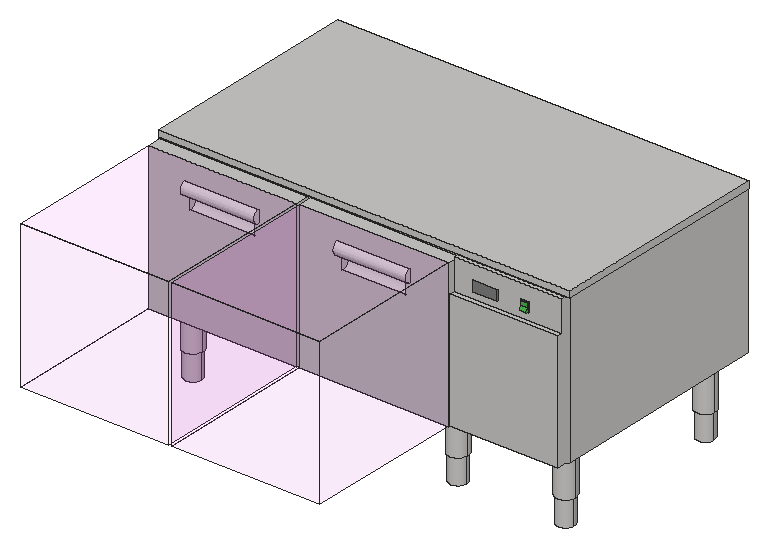
Revit family "QF_ZANUSSI_372294_Z7TTEECOMIN", category Specialty Equipment, Revit 2021 (continued)
Automatic sketch dimensions
  Split face 13 sketch curve to Split face 13 sketch curve = 4 mm
  Split face 14 sketch curve to Extrusion 2 = 30.5 mm
  Split face 14 sketch curve to Split face 14 sketch curve = 0.02 mm  (x2)
  Split face 14 sketch curve to Split face 14 sketch curve = 31.959 mm
  Split face 14 sketch curve to Extrusion 2 = 23 mm
  Split face 14 sketch curve to Split face 14 sketch curve = 4 mm
  Split face 15 sketch curve to Extrusion 2 = 30.5 mm
  Split face 15 sketch curve to Split face 15 sketch curve = 0.02 mm  (x2)
  Split face 15 sketch curve to Split face 15 sketch curve = 31.959 mm
  Split face 15 sketch curve to Extrusion 2 = 130.896 mm
  Split face 15 sketch curve to Split face 15 sketch curve = 4 mm
  plane 10 to Extrusion 6 sketch curve = 15 mm
  Extrusion 8 sketch curve to plane 7 "FRONT" = 0 mm  (x3)
  Extrusion 8 sketch curve to plane 14 "TOP" = 90.566 mm
  Extrusion 8 sketch curve to Extrusion 8 sketch curve = 8.275 mm
  Extrusion 9 sketch curve to plane 7 "FRONT" = 0 mm
  Extrusion 9 sketch curve to plane 7 "FRONT" = 2.777 mm
  plane 7 "FRONT" to Extrusion 9 sketch curve = 21.853 mm
  Extrusion 9 sketch curve to plane 11 = 4.5 mm
  Extrusion 9 sketch curve to plane 14 "TOP" = 128.294 mm
  Extrusion 9 sketch curve to Extrusion 9 sketch curve = 18.821 mm
  Extrusion 10 sketch curve to plane 7 "FRONT" = 0 mm  (x3)
  Extrusion 10 sketch curve to plane 14 "TOP" = 90.566 mm
  Extrusion 10 sketch curve to Extrusion 10 sketch curve = 8.275 mm
  Extrusion 11 sketch curve to plane 7 "FRONT" = 0 mm
  Extrusion 11 sketch curve to plane 7 "FRONT" = 2.777 mm
  plane 7 "FRONT" to Extrusion 11 sketch curve = 21.853 mm
  Extrusion 11 sketch curve to plane 11 = 4.5 mm
  Extrusion 11 sketch curve to plane 14 "TOP" = 128.294 mm
  Extrusion 11 sketch curve to Extrusion 11 sketch curve = 18.821 mm
  plane 13 to Extrusion 12 sketch curve = 1.587 mm  (x2)
  Extrusion 12 sketch curve to plane 3 "Centro (Sinistra/Destra)" = 160.999 mm
  Extrusion 12 sketch curve to plane 14 "TOP" = 0.8 mm  (x2)
  Extrusion 12 sketch curve to Extrusion 12 sketch curve = 7.999 mm
  plane 12 to Extrusion 12 sketch curve = 51 mm
  Extrusion 13 sketch curve to plane 14 "TOP" = 0.8 mm  (x2)
  plane 12 to Extrusion 13 sketch curve = 51 mm
  Extrusion 13 sketch curve to plane 12 = 72.699 mm
  Extrusion 13 sketch curve to plane 3 "Centro (Sinistra/Destra)" = 29.3 mm
  plane 13 to Extrusion 13 sketch curve = 1.587 mm  (x2)
  Extrusion 13 sketch curve to plane 3 "Centro (Sinistra/Destra)" = 153 mm
  Extrusion 13 sketch curve to Extrusion 13 sketch curve = 7.999 mm
  Extrusion 13 sketch curve to Extrusion 13 sketch curve = 123.7 mm
  plane 9 to Extrusion 13 sketch curve = 68.7 mm
  Extrusion 13 sketch curve to plane 14 "TOP" = 128.294 mm  (x2)
  Extrusion 13 sketch curve to Extrusion 13 sketch curve = 43.294 mm  (x2)
  Split face 16 sketch curve to Extrusion 2 = 30.5 mm
  Split face 16 sketch curve to Split face 16 sketch curve = 0.02 mm  (x2)
  Split face 16 sketch curve to Split face 16 sketch curve = 31.959 mm
  Split face 16 sketch curve to Extrusion 2 = 118.208 mm
  Split face 16 sketch curve to Split face 16 sketch curve = 4 mm
  Split face 17 sketch curve to Extrusion 2 = 30.5 mm
  Split face 17 sketch curve to Split face 17 sketch curve = 0.02 mm  (x2)
  Split face 17 sketch curve to Split face 17 sketch curve = 31.959 mm
  Split face 17 sketch curve to Extrusion 2 = 130.208 mm
  Split face 17 sketch curve to Split face 17 sketch curve = 4 mm
  Split face 18 sketch curve to Extrusion 2 = 30.5 mm
  Split face 18 sketch curve to Split face 18 sketch curve = 0.02 mm  (x2)
  Split face 18 sketch curve to Split face 18 sketch curve = 31.959 mm
  Split face 18 sketch curve to Extrusion 2 = 142.208 mm
  Split face 18 sketch curve to Split face 18 sketch curve = 4 mm
  Split face 19 sketch curve to Extrusion 2 = 30.5 mm
  Split face 19 sketch curve to Split face 19 sketch curve = 0.02 mm  (x2)
  Split face 19 sketch curve to Split face 19 sketch curve = 31.959 mm
  Split face 19 sketch curve to Extrusion 2 = 154.896 mm
  Split face 19 sketch curve to Split face 19 sketch curve = 4 mm
  Split face 20 sketch curve to Extrusion 2 = 30.5 mm
  Split face 20 sketch curve to Split face 20 sketch curve = 0.02 mm  (x2)
  Split face 20 sketch curve to Split face 20 sketch curve = 31.959 mm
  Split face 20 sketch curve to Extrusion 2 = 142.896 mm
  Split face 20 sketch curve to Split face 20 sketch curve = 4 mm
  Split face 21 sketch curve to Extrusion 2 = 30.5 mm
  Split face 21 sketch curve to Split face 21 sketch curve = 0.02 mm  (x2)
  Split face 21 sketch curve to Split face 21 sketch curve = 31.959 mm
  Split face 21 sketch curve to Extrusion 2 = 106.208 mm
  Split face 21 sketch curve to Split face 21 sketch curve = 4 mm
  Split face 22 sketch curve to Extrusion 2 = 30.5 mm
  Split face 22 sketch curve to Split face 22 sketch curve = 0.02 mm  (x2)
  Split face 22 sketch curve to Extrusion 2 = 10.312 mm
  Split face 22 sketch curve to Split face 22 sketch curve = 31.959 mm
  Split face 22 sketch curve to Split face 22 sketch curve = 4 mm
  Split face 23 sketch curve to Extrusion 2 = 30.5 mm
  Split face 23 sketch curve to Split face 23 sketch curve = 0.02 mm  (x2)
  Split face 23 sketch curve to Split face 23 sketch curve = 31.959 mm
  Split face 23 sketch curve to Extrusion 2 = 22.312 mm
  Split face 23 sketch curve to Split face 23 sketch curve = 4 mm
  Split face 24 sketch curve to Extrusion 2 = 30.5 mm
  Split face 24 sketch curve to Split face 24 sketch curve = 0.02 mm  (x2)
  Split face 24 sketch curve to Split face 24 sketch curve = 31.959 mm
  Split face 24 sketch curve to Extrusion 2 = 34.312 mm
  Split face 24 sketch curve to Split face 24 sketch curve = 4 mm
  Split face 25 sketch curve to Extrusion 2 = 30.5 mm
  Split face 25 sketch curve to Split face 25 sketch curve = 0.02 mm  (x2)
  Split face 25 sketch curve to Split face 25 sketch curve = 31.959 mm
  Split face 25 sketch curve to Extrusion 2 = 46.209 mm
  Split face 25 sketch curve to Split face 25 sketch curve = 4 mm
  Split face 26 sketch curve to Extrusion 2 = 30.5 mm
  Split face 26 sketch curve to Split face 26 sketch curve = 0.02 mm  (x2)
  Split face 26 sketch curve to Split face 26 sketch curve = 31.959 mm
  Split face 26 sketch curve to Extrusion 2 = 58.208 mm
  Split face 26 sketch curve to Split face 26 sketch curve = 4 mm
  Split face 27 sketch curve to Extrusion 2 = 30.5 mm
  Split face 27 sketch curve to Split face 27 sketch curve = 0.02 mm  (x2)
  Split face 27 sketch curve to Split face 27 sketch curve = 31.959 mm
  Split face 27 sketch curve to Extrusion 2 = 70.208 mm
  Split face 27 sketch curve to Split face 27 sketch curve = 4 mm
  Split face 28 sketch curve to Extrusion 2 = 30.5 mm
  Split face 28 sketch curve to Split face 28 sketch curve = 0.02 mm  (x2)
  Split face 28 sketch curve to Split face 28 sketch curve = 31.959 mm
  Split face 28 sketch curve to Extrusion 2 = 82.208 mm
  Split face 28 sketch curve to Split face 28 sketch curve = 4 mm
  Split face 29 sketch curve to Extrusion 2 = 30.5 mm
  Split face 29 sketch curve to Split face 29 sketch curve = 0.02 mm  (x2)
  Split face 29 sketch curve to Split face 29 sketch curve = 31.959 mm
  Split face 29 sketch curve to Extrusion 2 = 94.208 mm
  Split face 29 sketch curve to Split face 29 sketch curve = 4 mm
  Split face 30 sketch curve to Extrusion 2 = 85.5 mm
  Split face 30 sketch curve to Split face 30 sketch curve = 0.02 mm  (x2)
  Split face 30 sketch curve to Split face 30 sketch curve = 31.959 mm
  Split face 30 sketch curve to Extrusion 2 = 118.896 mm
  Split face 30 sketch curve to Split face 30 sketch curve = 4 mm
  Split face 31 sketch curve to Extrusion 2 = 85.5 mm
  Split face 31 sketch curve to Split face 31 sketch curve = 0.02 mm  (x2)
  Split face 31 sketch curve to Split face 31 sketch curve = 31.959 mm
  Split face 31 sketch curve to Extrusion 2 = 106.896 mm
  Split face 31 sketch curve to Split face 31 sketch curve = 4 mm
  Split face 32 sketch curve to Extrusion 2 = 85.5 mm
  Split face 32 sketch curve to Split face 32 sketch curve = 0.02 mm  (x2)
  Split face 32 sketch curve to Split face 32 sketch curve = 31.959 mm
  Split face 32 sketch curve to Extrusion 2 = 94.897 mm
  Split face 32 sketch curve to Split face 32 sketch curve = 4 mm
  Split face 33 sketch curve to Extrusion 2 = 85.5 mm
  Split face 33 sketch curve to Split face 33 sketch curve = 0.02 mm  (x2)
  Split face 33 sketch curve to Split face 33 sketch curve = 31.959 mm
  Split face 33 sketch curve to Extrusion 2 = 82.999 mm
  Split face 33 sketch curve to Split face 33 sketch curve = 4 mm
  Split face 34 sketch curve to Extrusion 2 = 85.5 mm
  Split face 34 sketch curve to Split face 34 sketch curve = 0.02 mm  (x2)
  Split face 34 sketch curve to Split face 34 sketch curve = 31.959 mm
  Split face 34 sketch curve to Extrusion 2 = 71 mm
  Split face 34 sketch curve to Split face 34 sketch curve = 4 mm
  Split face 35 sketch curve to Extrusion 2 = 85.5 mm
  Split face 35 sketch curve to Split face 35 sketch curve = 0.02 mm  (x2)
  Split face 35 sketch curve to Split face 35 sketch curve = 31.959 mm
  Split face 35 sketch curve to Extrusion 2 = 59 mm
  Split face 35 sketch curve to Split face 35 sketch curve = 4 mm
  Split face 36 sketch curve to Extrusion 2 = 85.5 mm
  Split face 36 sketch curve to Split face 36 sketch curve = 0.02 mm  (x2)
  Split face 36 sketch curve to Split face 36 sketch curve = 31.959 mm
  Split face 36 sketch curve to Extrusion 2 = 47 mm
  Split face 36 sketch curve to Split face 36 sketch curve = 4 mm
  Split face 37 sketch curve to Extrusion 2 = 31 mm
  Split face 37 sketch curve to Extrusion 2 = 85.5 mm
  Split face 37 sketch curve to Split face 37 sketch curve = 0.02 mm  (x2)
  Split face 37 sketch curve to Split face 37 sketch curve = 31.959 mm
  Split face 37 sketch curve to Split face 37 sketch curve = 4 mm
  Split face 38 sketch curve to Extrusion 2 = 19 mm
  Split face 38 sketch curve to Extrusion 2 = 85.5 mm
  Split face 38 sketch curve to Split face 38 sketch curve = 0.02 mm  (x2)
  Split face 38 sketch curve to Split face 38 sketch curve = 31.959 mm
  Split face 38 sketch curve to Split face 38 sketch curve = 4 mm
  Split face 39 sketch curve to Extrusion 2 = 85.5 mm
  Split face 39 sketch curve to Split face 39 sketch curve = 0.02 mm  (x2)
  Split face 39 sketch curve to Split face 39 sketch curve = 31.959 mm
  Split face 39 sketch curve to Extrusion 2 = 130.896 mm
  Split face 39 sketch curve to Split face 39 sketch curve = 4 mm
  Split face 40 sketch curve to Extrusion 2 = 85.5 mm
  Split face 40 sketch curve to Split face 40 sketch curve = 0.02 mm  (x2)
  Split face 40 sketch curve to Split face 40 sketch curve = 31.959 mm
  Split face 40 sketch curve to Extrusion 2 = 118.208 mm
  Split face 40 sketch curve to Split face 40 sketch curve = 4 mm
  Split face 41 sketch curve to Extrusion 2 = 85.5 mm
  Split face 41 sketch curve to Split face 41 sketch curve = 0.02 mm  (x2)
  Split face 41 sketch curve to Split face 41 sketch curve = 31.959 mm
  Split face 41 sketch curve to Extrusion 2 = 130.208 mm
  Split face 41 sketch curve to Split face 41 sketch curve = 4 mm
  Split face 42 sketch curve to Extrusion 2 = 85.5 mm
  Split face 42 sketch curve to Split face 42 sketch curve = 0.02 mm  (x2)
  Split face 42 sketch curve to Split face 42 sketch curve = 31.959 mm
  Split face 42 sketch curve to Extrusion 2 = 142.208 mm
  Split face 42 sketch curve to Split face 42 sketch curve = 4 mm
  Split face 43 sketch curve to Extrusion 2 = 85.5 mm
  Split face 43 sketch curve to Split face 43 sketch curve = 0.02 mm  (x2)
  Split face 43 sketch curve to Split face 43 sketch curve = 31.959 mm
  Split face 43 sketch curve to Extrusion 2 = 154.896 mm
  Split face 43 sketch curve to Split face 43 sketch curve = 4 mm
  Split face 44 sketch curve to Extrusion 2 = 85.5 mm
  Split face 44 sketch curve to Split face 44 sketch curve = 0.02 mm  (x2)
  Split face 44 sketch curve to Split face 44 sketch curve = 31.959 mm
  Split face 44 sketch curve to Extrusion 2 = 142.896 mm
  Split face 44 sketch curve to Split face 44 sketch curve = 4 mm
  Split face 45 sketch curve to Extrusion 2 = 85.5 mm
  Split face 45 sketch curve to Split face 45 sketch curve = 0.02 mm  (x2)
  Split face 45 sketch curve to Split face 45 sketch curve = 31.959 mm
  Split face 45 sketch curve to Extrusion 2 = 106.208 mm
  Split face 45 sketch curve to Split face 45 sketch curve = 4 mm
  Split face 46 sketch curve to Extrusion 2 = 14.312 mm
  Split face 46 sketch curve to Extrusion 2 = 85.5 mm
  Split face 46 sketch curve to Split face 46 sketch curve = 0.02 mm  (x2)
  Split face 46 sketch curve to Extrusion 2 = 10.312 mm
  Split face 46 sketch curve to Split face 46 sketch curve = 31.959 mm
  Split face 47 sketch curve to Extrusion 2 = 26.312 mm
  Split face 47 sketch curve to Extrusion 2 = 85.5 mm
  Split face 47 sketch curve to Split face 47 sketch curve = 0.02 mm  (x2)
  Split face 47 sketch curve to Split face 47 sketch curve = 31.959 mm
  Split face 47 sketch curve to Split face 47 sketch curve = 4 mm
  Split face 48 sketch curve to Extrusion 2 = 85.5 mm
  Split face 48 sketch curve to Split face 48 sketch curve = 0.02 mm  (x2)
  Split face 48 sketch curve to Split face 48 sketch curve = 31.959 mm
  Split face 48 sketch curve to Extrusion 2 = 34.312 mm
  Split face 48 sketch curve to Split face 48 sketch curve = 4 mm
  Split face 49 sketch curve to Extrusion 2 = 85.5 mm
  Split face 49 sketch curve to Split face 49 sketch curve = 0.02 mm  (x2)
  Split face 49 sketch curve to Split face 49 sketch curve = 31.959 mm
  Split face 49 sketch curve to Extrusion 2 = 46.209 mm
  Split face 49 sketch curve to Split face 49 sketch curve = 4 mm
  Split face 50 sketch curve to Extrusion 2 = 85.5 mm
  Split face 50 sketch curve to Split face 50 sketch curve = 0.02 mm  (x2)
  Split face 50 sketch curve to Split face 50 sketch curve = 31.959 mm
  Split face 50 sketch curve to Extrusion 2 = 58.208 mm
  Split face 50 sketch curve to Split face 50 sketch curve = 4 mm
  Split face 51 sketch curve to Extrusion 2 = 85.5 mm
  Split face 51 sketch curve to Split face 51 sketch curve = 0.02 mm  (x2)
  Split face 51 sketch curve to Split face 51 sketch curve = 31.959 mm
  Split face 51 sketch curve to Extrusion 2 = 70.208 mm
  Split face 51 sketch curve to Split face 51 sketch curve = 4 mm
  Split face 52 sketch curve to Extrusion 2 = 85.5 mm
  Split face 52 sketch curve to Split face 52 sketch curve = 0.02 mm  (x2)
  Split face 52 sketch curve to Split face 52 sketch curve = 31.959 mm
  Split face 52 sketch curve to Extrusion 2 = 82.208 mm
  Split face 52 sketch curve to Split face 52 sketch curve = 4 mm
  Split face 53 sketch curve to Extrusion 2 = 85.5 mm
  Split face 53 sketch curve to Split face 53 sketch curve = 0.02 mm  (x2)
  Split face 53 sketch curve to Split face 53 sketch curve = 31.959 mm
  Split face 53 sketch curve to Extrusion 2 = 94.208 mm
  Split face 53 sketch curve to Split face 53 sketch curve = 4 mm
  Split face 54 sketch curve to Extrusion 2 = 140.5 mm
  Split face 54 sketch curve to Split face 54 sketch curve = 0.02 mm  (x2)
  Split face 54 sketch curve to Split face 54 sketch curve = 31.959 mm
  Split face 54 sketch curve to Extrusion 2 = 118.896 mm
  Split face 54 sketch curve to Split face 54 sketch curve = 4 mm
  Split face 55 sketch curve to Extrusion 2 = 140.5 mm
  Split face 55 sketch curve to Split face 55 sketch curve = 0.02 mm  (x2)
  Split face 55 sketch curve to Split face 55 sketch curve = 31.959 mm
  Split face 55 sketch curve to Extrusion 2 = 106.896 mm
  Split face 55 sketch curve to Split face 55 sketch curve = 4 mm
  Split face 56 sketch curve to Extrusion 2 = 140.5 mm
  Split face 56 sketch curve to Split face 56 sketch curve = 0.02 mm  (x2)
  Split face 56 sketch curve to Split face 56 sketch curve = 31.959 mm
  Split face 56 sketch curve to Extrusion 2 = 94.897 mm
  Split face 56 sketch curve to Split face 56 sketch curve = 4 mm
  Split face 57 sketch curve to Extrusion 2 = 140.5 mm
  Split face 57 sketch curve to Split face 57 sketch curve = 0.02 mm  (x2)
  Split face 57 sketch curve to Split face 57 sketch curve = 31.959 mm
  Split face 57 sketch curve to Extrusion 2 = 82.999 mm
  Split face 57 sketch curve to Split face 57 sketch curve = 4 mm
  Split face 58 sketch curve to Extrusion 2 = 140.5 mm
  Split face 58 sketch curve to Split face 58 sketch curve = 0.02 mm  (x2)
  Split face 58 sketch curve to Split face 58 sketch curve = 31.959 mm
  Split face 58 sketch curve to Extrusion 2 = 71 mm
  Split face 58 sketch curve to Split face 58 sketch curve = 4 mm
  Split face 59 sketch curve to Extrusion 2 = 55 mm
  Split face 59 sketch curve to Extrusion 2 = 140.5 mm
  Split face 59 sketch curve to Split face 59 sketch curve = 0.02 mm  (x2)
  Split face 59 sketch curve to Split face 59 sketch curve = 31.959 mm
  Split face 59 sketch curve to Split face 59 sketch curve = 4 mm
  Split face 60 sketch curve to Extrusion 2 = 43 mm
  Split face 60 sketch curve to Extrusion 2 = 140.5 mm
  Split face 60 sketch curve to Split face 60 sketch curve = 0.02 mm  (x2)
  Split face 60 sketch curve to Split face 60 sketch curve = 31.959 mm
  Split face 60 sketch curve to Split face 60 sketch curve = 4 mm
  Split face 61 sketch curve to Extrusion 2 = 31 mm
  Split face 61 sketch curve to Extrusion 2 = 140.5 mm
  Split face 61 sketch curve to Split face 61 sketch curve = 0.02 mm  (x2)
  Split face 61 sketch curve to Split face 61 sketch curve = 31.959 mm
  Split face 61 sketch curve to Split face 61 sketch curve = 4 mm
  Split face 62 sketch curve to Extrusion 2 = 19 mm
  Split face 62 sketch curve to Extrusion 2 = 140.5 mm
  Split face 62 sketch curve to Split face 62 sketch curve = 0.02 mm  (x2)
  Split face 62 sketch curve to Split face 62 sketch curve = 31.959 mm
  Split face 62 sketch curve to Split face 62 sketch curve = 4 mm
  Split face 63 sketch curve to Extrusion 2 = 140.5 mm
  Split face 63 sketch curve to Split face 63 sketch curve = 0.02 mm  (x2)
  Split face 63 sketch curve to Split face 63 sketch curve = 31.959 mm
  Split face 63 sketch curve to Extrusion 2 = 130.896 mm
  Split face 63 sketch curve to Split face 63 sketch curve = 4 mm
  Split face 64 sketch curve to Extrusion 2 = 140.5 mm
  Split face 64 sketch curve to Split face 64 sketch curve = 0.02 mm  (x2)
  Split face 64 sketch curve to Split face 64 sketch curve = 31.959 mm
  Split face 64 sketch curve to Extrusion 2 = 118.208 mm
  Split face 64 sketch curve to Split face 64 sketch curve = 4 mm
  Split face 65 sketch curve to Extrusion 2 = 140.5 mm
  Split face 65 sketch curve to Split face 65 sketch curve = 0.02 mm  (x2)
  Split face 65 sketch curve to Split face 65 sketch curve = 31.959 mm
  Split face 65 sketch curve to Extrusion 2 = 130.208 mm
  Split face 65 sketch curve to Split face 65 sketch curve = 4 mm
  Split face 66 sketch curve to Extrusion 2 = 140.5 mm
  Split face 66 sketch curve to Split face 66 sketch curve = 0.02 mm  (x2)
  Split face 66 sketch curve to Split face 66 sketch curve = 31.959 mm
  Split face 66 sketch curve to Extrusion 2 = 142.208 mm
  Split face 66 sketch curve to Split face 66 sketch curve = 4 mm
  Split face 67 sketch curve to Extrusion 2 = 140.5 mm
  Split face 67 sketch curve to Split face 67 sketch curve = 0.02 mm  (x2)
  Split face 67 sketch curve to Split face 67 sketch curve = 31.959 mm
  Split face 67 sketch curve to Extrusion 2 = 154.896 mm
  Split face 67 sketch curve to Split face 67 sketch curve = 4 mm
  Split face 68 sketch curve to Extrusion 2 = 140.5 mm
  Split face 68 sketch curve to Split face 68 sketch curve = 0.02 mm  (x2)
  Split face 68 sketch curve to Split face 68 sketch curve = 31.959 mm
  Split face 68 sketch curve to Extrusion 2 = 142.896 mm
  Split face 68 sketch curve to Split face 68 sketch curve = 4 mm
  Split face 69 sketch curve to Extrusion 2 = 140.5 mm
  Split face 69 sketch curve to Split face 69 sketch curve = 0.02 mm  (x2)
  Split face 69 sketch curve to Split face 69 sketch curve = 31.959 mm
  Split face 69 sketch curve to Extrusion 2 = 106.208 mm
  Split face 69 sketch curve to Split face 69 sketch curve = 4 mm
  Split face 70 sketch curve to Extrusion 2 = 14.312 mm
  Split face 70 sketch curve to Extrusion 2 = 140.5 mm
  Split face 70 sketch curve to Split face 70 sketch curve = 0.02 mm  (x2)
  Split face 70 sketch curve to Extrusion 2 = 10.312 mm
  Split face 70 sketch curve to Split face 70 sketch curve = 31.959 mm
  Split face 71 sketch curve to Extrusion 2 = 26.312 mm
  Split face 71 sketch curve to Extrusion 2 = 140.5 mm
  Split face 71 sketch curve to Split face 71 sketch curve = 0.02 mm  (x2)
  Split face 71 sketch curve to Split face 71 sketch curve = 31.959 mm
  Split face 71 sketch curve to Split face 71 sketch curve = 4 mm
  Split face 72 sketch curve to Extrusion 2 = 38.311 mm
  Split face 72 sketch curve to Extrusion 2 = 140.5 mm
  Split face 72 sketch curve to Split face 72 sketch curve = 0.02 mm  (x2)
  Split face 72 sketch curve to Split face 72 sketch curve = 31.959 mm
  Split face 72 sketch curve to Split face 72 sketch curve = 4 mm
  Split face 73 sketch curve to Extrusion 2 = 50.209 mm
  Split face 73 sketch curve to Extrusion 2 = 140.5 mm
  Split face 73 sketch curve to Split face 73 sketch curve = 0.02 mm  (x2)
  Split face 73 sketch curve to Split face 73 sketch curve = 31.959 mm
  Split face 73 sketch curve to Split face 73 sketch curve = 4 mm
  Split face 74 sketch curve to Extrusion 2 = 62.208 mm
  Split face 74 sketch curve to Extrusion 2 = 140.5 mm
  Split face 74 sketch curve to Split face 74 sketch curve = 0.02 mm  (x2)
  Split face 74 sketch curve to Split face 74 sketch curve = 31.959 mm
  Split face 74 sketch curve to Split face 74 sketch curve = 4 mm
  Split face 75 sketch curve to Extrusion 2 = 140.5 mm
  Split face 75 sketch curve to Split face 75 sketch curve = 0.02 mm  (x2)
  Split face 75 sketch curve to Split face 75 sketch curve = 31.959 mm
  Split face 75 sketch curve to Extrusion 2 = 70.208 mm
  Split face 75 sketch curve to Split face 75 sketch curve = 4 mm
  Split face 76 sketch curve to Extrusion 2 = 140.5 mm
  Split face 76 sketch curve to Split face 76 sketch curve = 0.02 mm  (x2)
  Split face 76 sketch curve to Split face 76 sketch curve = 31.959 mm
  Split face 76 sketch curve to Extrusion 2 = 82.208 mm
  Split face 76 sketch curve to Split face 76 sketch curve = 4 mm
  Split face 77 sketch curve to Extrusion 2 = 140.5 mm
  Split face 77 sketch curve to Split face 77 sketch curve = 0.02 mm  (x2)
  Split face 77 sketch curve to Split face 77 sketch curve = 31.959 mm
  Split face 77 sketch curve to Extrusion 2 = 94.208 mm
  Split face 77 sketch curve to Split face 77 sketch curve = 4 mm
  Split face 78 sketch curve to Extrusion 2 = 117.5 mm
  Split face 78 sketch curve to Split face 78 sketch curve = 0.02 mm  (x2)
  Split face 78 sketch curve to Split face 78 sketch curve = 31.959 mm
  Split face 78 sketch curve to Extrusion 2 = 118.896 mm
  Split face 78 sketch curve to Split face 78 sketch curve = 4 mm
  Split face 79 sketch curve to Extrusion 2 = 117.5 mm
  Split face 79 sketch curve to Split face 79 sketch curve = 0.02 mm  (x2)
  Split face 79 sketch curve to Split face 79 sketch curve = 31.959 mm
  Split face 79 sketch curve to Extrusion 2 = 106.896 mm
  Split face 79 sketch curve to Split face 79 sketch curve = 4 mm
  Split face 80 sketch curve to Extrusion 2 = 117.5 mm
  Split face 80 sketch curve to Split face 80 sketch curve = 0.02 mm  (x2)
  Split face 80 sketch curve to Split face 80 sketch curve = 31.959 mm
  Split face 80 sketch curve to Extrusion 2 = 94.897 mm
  Split face 80 sketch curve to Split face 80 sketch curve = 4 mm
  Split face 81 sketch curve to Extrusion 2 = 117.5 mm
  Split face 81 sketch curve to Split face 81 sketch curve = 0.02 mm  (x2)
  Split face 81 sketch curve to Split face 81 sketch curve = 31.959 mm
  Split face 81 sketch curve to Extrusion 2 = 82.999 mm
  Split face 81 sketch curve to Split face 81 sketch curve = 4 mm
  Split face 82 sketch curve to Extrusion 2 = 117.5 mm
  Split face 82 sketch curve to Split face 82 sketch curve = 0.02 mm  (x2)
  Split face 82 sketch curve to Split face 82 sketch curve = 31.959 mm
  Split face 82 sketch curve to Extrusion 2 = 71 mm
  Split face 82 sketch curve to Split face 82 sketch curve = 4 mm
  Split face 83 sketch curve to Extrusion 2 = 55 mm
  Split face 83 sketch curve to Extrusion 2 = 117.5 mm
  Split face 83 sketch curve to Split face 83 sketch curve = 0.02 mm  (x2)
  Split face 83 sketch curve to Split face 83 sketch curve = 31.959 mm
  Split face 83 sketch curve to Split face 83 sketch curve = 4 mm
  Split face 84 sketch curve to Extrusion 2 = 43 mm
  Split face 84 sketch curve to Extrusion 2 = 117.5 mm
  Split face 84 sketch curve to Split face 84 sketch curve = 0.02 mm  (x2)
  Split face 84 sketch curve to Split face 84 sketch curve = 31.959 mm
  Split face 84 sketch curve to Split face 84 sketch curve = 4 mm
  Split face 85 sketch curve to Extrusion 2 = 31 mm
  Split face 85 sketch curve to Extrusion 2 = 117.5 mm
  Split face 85 sketch curve to Split face 85 sketch curve = 0.02 mm  (x2)
  Split face 85 sketch curve to Split face 85 sketch curve = 31.959 mm
  Split face 85 sketch curve to Split face 85 sketch curve = 4 mm
  Split face 86 sketch curve to Extrusion 2 = 19 mm
  Split face 86 sketch curve to Extrusion 2 = 117.5 mm
  Split face 86 sketch curve to Split face 86 sketch curve = 0.02 mm  (x2)
  Split face 86 sketch curve to Split face 86 sketch curve = 31.959 mm
  Split face 86 sketch curve to Split face 86 sketch curve = 4 mm
  Split face 87 sketch curve to Extrusion 2 = 117.5 mm
  Split face 87 sketch curve to Split face 87 sketch curve = 0.02 mm  (x2)
  Split face 87 sketch curve to Split face 87 sketch curve = 31.959 mm
  Split face 87 sketch curve to Extrusion 2 = 130.896 mm
  Split face 87 sketch curve to Split face 87 sketch curve = 4 mm
  Split face 88 sketch curve to Extrusion 2 = 117.5 mm
  Split face 88 sketch curve to Split face 88 sketch curve = 0.02 mm  (x2)
  Split face 88 sketch curve to Split face 88 sketch curve = 31.959 mm
  Split face 88 sketch curve to Extrusion 2 = 118.208 mm
  Split face 88 sketch curve to Split face 88 sketch curve = 4 mm
  Split face 89 sketch curve to Extrusion 2 = 117.5 mm
  Split face 89 sketch curve to Split face 89 sketch curve = 0.02 mm  (x2)
  Split face 89 sketch curve to Split face 89 sketch curve = 31.959 mm
  Split face 89 sketch curve to Extrusion 2 = 130.208 mm
  Split face 89 sketch curve to Split face 89 sketch curve = 4 mm
  Split face 90 sketch curve to Extrusion 2 = 117.5 mm
  Split face 90 sketch curve to Split face 90 sketch curve = 0.02 mm  (x2)
  Split face 90 sketch curve to Split face 90 sketch curve = 31.959 mm
  Split face 90 sketch curve to Extrusion 2 = 142.208 mm
  Split face 90 sketch curve to Split face 90 sketch curve = 4 mm
  Split face 91 sketch curve to Extrusion 2 = 117.5 mm
  Split face 91 sketch curve to Split face 91 sketch curve = 0.02 mm  (x2)
  Split face 91 sketch curve to Split face 91 sketch curve = 31.959 mm
  Split face 91 sketch curve to Extrusion 2 = 154.896 mm
  Split face 91 sketch curve to Split face 91 sketch curve = 4 mm
  Split face 92 sketch curve to Extrusion 2 = 117.5 mm
  Split face 92 sketch curve to Split face 92 sketch curve = 0.02 mm  (x2)
  Split face 92 sketch curve to Split face 92 sketch curve = 31.959 mm
  Split face 92 sketch curve to Extrusion 2 = 142.896 mm
  Split face 92 sketch curve to Split face 92 sketch curve = 4 mm
  Split face 93 sketch curve to Extrusion 2 = 117.5 mm
  Split face 93 sketch curve to Split face 93 sketch curve = 0.02 mm  (x2)
  Split face 93 sketch curve to Split face 93 sketch curve = 31.959 mm
  Split face 93 sketch curve to Extrusion 2 = 106.208 mm
  Split face 93 sketch curve to Split face 93 sketch curve = 4 mm
  Split face 94 sketch curve to Extrusion 2 = 14.312 mm
  Split face 94 sketch curve to Extrusion 2 = 117.5 mm
  Split face 94 sketch curve to Split face 94 sketch curve = 0.02 mm  (x2)
  Split face 94 sketch curve to Extrusion 2 = 10.312 mm
  Split face 94 sketch curve to Split face 94 sketch curve = 31.959 mm
  Split face 95 sketch curve to Extrusion 2 = 26.312 mm
  Split face 95 sketch curve to Extrusion 2 = 117.5 mm
  Split face 95 sketch curve to Split face 95 sketch curve = 0.02 mm  (x2)
  Split face 95 sketch curve to Split face 95 sketch curve = 31.959 mm
  Split face 95 sketch curve to Split face 95 sketch curve = 4 mm
  Split face 96 sketch curve to Extrusion 2 = 38.311 mm
  Split face 96 sketch curve to Extrusion 2 = 117.5 mm
  Split face 96 sketch curve to Split face 96 sketch curve = 0.02 mm  (x2)
  Split face 96 sketch curve to Split face 96 sketch curve = 31.959 mm
  Split face 96 sketch curve to Split face 96 sketch curve = 4 mm
  Split face 97 sketch curve to Extrusion 2 = 50.209 mm
  Split face 97 sketch curve to Extrusion 2 = 117.5 mm
  Split face 97 sketch curve to Split face 97 sketch curve = 0.02 mm  (x2)
  Split face 97 sketch curve to Split face 97 sketch curve = 31.959 mm
  Split face 97 sketch curve to Split face 97 sketch curve = 4 mm
  Split face 98 sketch curve to Extrusion 2 = 62.208 mm
  Split face 98 sketch curve to Extrusion 2 = 117.5 mm
  Split face 98 sketch curve to Split face 98 sketch curve = 0.02 mm  (x2)
  Split face 98 sketch curve to Split face 98 sketch curve = 31.959 mm
  Split face 98 sketch curve to Split face 98 sketch curve = 4 mm
  Split face 99 sketch curve to Extrusion 2 = 117.5 mm
  Split face 99 sketch curve to Split face 99 sketch curve = 0.02 mm  (x2)
  Split face 99 sketch curve to Split face 99 sketch curve = 31.959 mm
  Split face 99 sketch curve to Extrusion 2 = 70.208 mm
  Split face 99 sketch curve to Split face 99 sketch curve = 4 mm
  Split face 100 sketch curve to Extrusion 2 = 117.5 mm
  Split face 100 sketch curve to Split face 100 sketch curve = 0.02 mm  (x2)
  Split face 100 sketch curve to Split face 100 sketch curve = 31.959 mm
  Split face 100 sketch curve to Extrusion 2 = 82.208 mm
  Split face 100 sketch curve to Split face 100 sketch curve = 4 mm
  Split face 101 sketch curve to Extrusion 2 = 117.5 mm
  Split face 101 sketch curve to Split face 101 sketch curve = 0.02 mm  (x2)
  Split face 101 sketch curve to Split face 101 sketch curve = 31.959 mm
  Split face 101 sketch curve to Extrusion 2 = 94.208 mm
  Split face 101 sketch curve to Split face 101 sketch curve = 4 mm
  Split face 102 sketch curve to Extrusion 2 = 62.5 mm
  Split face 102 sketch curve to Split face 102 sketch curve = 0.02 mm  (x2)
  Split face 102 sketch curve to Split face 102 sketch curve = 31.959 mm
  Split face 102 sketch curve to Extrusion 2 = 118.896 mm
  Split face 102 sketch curve to Split face 102 sketch curve = 4 mm
  Split face 103 sketch curve to Extrusion 2 = 62.5 mm
  Split face 103 sketch curve to Split face 103 sketch curve = 0.02 mm  (x2)
  Split face 103 sketch curve to Split face 103 sketch curve = 31.959 mm
  Split face 103 sketch curve to Extrusion 2 = 106.896 mm
  Split face 103 sketch curve to Split face 103 sketch curve = 4 mm
  Split face 104 sketch curve to Extrusion 2 = 62.5 mm
  Split face 104 sketch curve to Split face 104 sketch curve = 0.02 mm  (x2)
  Split face 104 sketch curve to Split face 104 sketch curve = 31.959 mm
  Split face 104 sketch curve to Extrusion 2 = 94.897 mm
  Split face 104 sketch curve to Split face 104 sketch curve = 4 mm
  Split face 105 sketch curve to Extrusion 2 = 62.5 mm
  Split face 105 sketch curve to Split face 105 sketch curve = 0.02 mm  (x2)
  Split face 105 sketch curve to Split face 105 sketch curve = 31.959 mm
  Split face 105 sketch curve to Extrusion 2 = 82.999 mm
  Split face 105 sketch curve to Split face 105 sketch curve = 4 mm
  Split face 106 sketch curve to Extrusion 2 = 62.5 mm
  Split face 106 sketch curve to Split face 106 sketch curve = 0.02 mm  (x2)
  Split face 106 sketch curve to Split face 106 sketch curve = 31.959 mm
  Split face 106 sketch curve to Extrusion 2 = 71 mm
  Split face 106 sketch curve to Split face 106 sketch curve = 4 mm
  Split face 107 sketch curve to Extrusion 2 = 62.5 mm
  Split face 107 sketch curve to Split face 107 sketch curve = 0.02 mm  (x2)
  Split face 107 sketch curve to Split face 107 sketch curve = 31.959 mm
  Split face 107 sketch curve to Extrusion 2 = 59 mm
  Split face 107 sketch curve to Split face 107 sketch curve = 4 mm
  Split face 108 sketch curve to Extrusion 2 = 62.5 mm
  Split face 108 sketch curve to Split face 108 sketch curve = 0.02 mm  (x2)
  Split face 108 sketch curve to Split face 108 sketch curve = 31.959 mm
  Split face 108 sketch curve to Extrusion 2 = 47 mm
  Split face 108 sketch curve to Split face 108 sketch curve = 4 mm
  Split face 109 sketch curve to Extrusion 2 = 31 mm
  Split face 109 sketch curve to Extrusion 2 = 62.5 mm
  Split face 109 sketch curve to Split face 109 sketch curve = 0.02 mm  (x2)
  Split face 109 sketch curve to Split face 109 sketch curve = 31.959 mm
  Split face 109 sketch curve to Split face 109 sketch curve = 4 mm
  Split face 110 sketch curve to Extrusion 2 = 19 mm
  Split face 110 sketch curve to Extrusion 2 = 62.5 mm
  Split face 110 sketch curve to Split face 110 sketch curve = 0.02 mm  (x2)
  Split face 110 sketch curve to Split face 110 sketch curve = 31.959 mm
  Split face 110 sketch curve to Split face 110 sketch curve = 4 mm
  Split face 111 sketch curve to Extrusion 2 = 62.5 mm
  Split face 111 sketch curve to Split face 111 sketch curve = 0.02 mm  (x2)
  Split face 111 sketch curve to Split face 111 sketch curve = 31.959 mm
  Split face 111 sketch curve to Extrusion 2 = 130.896 mm
  Split face 111 sketch curve to Split face 111 sketch curve = 4 mm
  Split face 112 sketch curve to Extrusion 2 = 62.5 mm
  Split face 112 sketch curve to Split face 112 sketch curve = 0.02 mm  (x2)
  Split face 112 sketch curve to Split face 112 sketch curve = 31.959 mm
  Split face 112 sketch curve to Extrusion 2 = 118.208 mm
  Split face 112 sketch curve to Split face 112 sketch curve = 4 mm
  Split face 113 sketch curve to Extrusion 2 = 62.5 mm
  Split face 113 sketch curve to Split face 113 sketch curve = 0.02 mm  (x2)
  Split face 113 sketch curve to Split face 113 sketch curve = 31.959 mm
  Split face 113 sketch curve to Extrusion 2 = 130.208 mm
  Split face 113 sketch curve to Split face 113 sketch curve = 4 mm
  Split face 114 sketch curve to Extrusion 2 = 62.5 mm
  Split face 114 sketch curve to Split face 114 sketch curve = 0.02 mm  (x2)
  Split face 114 sketch curve to Split face 114 sketch curve = 31.959 mm
  Split face 114 sketch curve to Extrusion 2 = 142.208 mm
  Split face 114 sketch curve to Split face 114 sketch curve = 4 mm
  Split face 115 sketch curve to Extrusion 2 = 62.5 mm
  Split face 115 sketch curve to Split face 115 sketch curve = 0.02 mm  (x2)
  Split face 115 sketch curve to Split face 115 sketch curve = 31.959 mm
  Split face 115 sketch curve to Extrusion 2 = 154.896 mm
  Split face 115 sketch curve to Split face 115 sketch curve = 4 mm
  Split face 116 sketch curve to Extrusion 2 = 62.5 mm
  Split face 116 sketch curve to Split face 116 sketch curve = 0.02 mm  (x2)
  Split face 116 sketch curve to Split face 116 sketch curve = 31.959 mm
  Split face 116 sketch curve to Extrusion 2 = 142.896 mm
  Split face 116 sketch curve to Split face 116 sketch curve = 4 mm
  Split face 117 sketch curve to Extrusion 2 = 62.5 mm
  Split face 117 sketch curve to Split face 117 sketch curve = 0.02 mm  (x2)
  Split face 117 sketch curve to Split face 117 sketch curve = 31.959 mm
  Split face 117 sketch curve to Extrusion 2 = 106.208 mm
  Split face 117 sketch curve to Split face 117 sketch curve = 4 mm
  Split face 118 sketch curve to Extrusion 2 = 14.312 mm
  Split face 118 sketch curve to Extrusion 2 = 62.5 mm
  Split face 118 sketch curve to Split face 118 sketch curve = 0.02 mm  (x2)
  Split face 118 sketch curve to Extrusion 2 = 10.312 mm
  Split face 118 sketch curve to Split face 118 sketch curve = 31.959 mm
  Split face 119 sketch curve to Extrusion 2 = 26.312 mm
  Split face 119 sketch curve to Extrusion 2 = 62.5 mm
  Split face 119 sketch curve to Split face 119 sketch curve = 0.02 mm  (x2)
  Split face 119 sketch curve to Split face 119 sketch curve = 31.959 mm
  Split face 119 sketch curve to Split face 119 sketch curve = 4 mm
  Split face 120 sketch curve to Extrusion 2 = 38.311 mm
  Split face 120 sketch curve to Extrusion 2 = 62.5 mm
  Split face 120 sketch curve to Split face 120 sketch curve = 0.02 mm  (x2)
  Split face 120 sketch curve to Split face 120 sketch curve = 31.959 mm
  Split face 120 sketch curve to Split face 120 sketch curve = 4 mm
  Split face 121 sketch curve to Extrusion 2 = 62.5 mm
  Split face 121 sketch curve to Split face 121 sketch curve = 0.02 mm  (x2)
  Split face 121 sketch curve to Split face 121 sketch curve = 31.959 mm
  Split face 121 sketch curve to Extrusion 2 = 46.209 mm
  Split face 121 sketch curve to Split face 121 sketch curve = 4 mm
  Split face 122 sketch curve to Extrusion 2 = 62.5 mm
  Split face 122 sketch curve to Split face 122 sketch curve = 0.02 mm  (x2)
  Split face 122 sketch curve to Split face 122 sketch curve = 31.959 mm
  Split face 122 sketch curve to Extrusion 2 = 58.208 mm
  Split face 122 sketch curve to Split face 122 sketch curve = 4 mm
  Split face 123 sketch curve to Extrusion 2 = 62.5 mm
  Split face 123 sketch curve to Split face 123 sketch curve = 0.02 mm  (x2)
  Split face 123 sketch curve to Split face 123 sketch curve = 31.959 mm
  Split face 123 sketch curve to Extrusion 2 = 70.208 mm
  Split face 123 sketch curve to Split face 123 sketch curve = 4 mm
  Split face 124 sketch curve to Extrusion 2 = 62.5 mm
  Split face 124 sketch curve to Split face 124 sketch curve = 0.02 mm  (x2)
  Split face 124 sketch curve to Split face 124 sketch curve = 31.959 mm
  Split face 124 sketch curve to Extrusion 2 = 82.208 mm
  Split face 124 sketch curve to Split face 124 sketch curve = 4 mm
  Split face 125 sketch curve to Extrusion 2 = 62.5 mm
  Split face 125 sketch curve to Split face 125 sketch curve = 0.02 mm  (x2)
  Split face 125 sketch curve to Split face 125 sketch curve = 31.959 mm
  Split face 125 sketch curve to Extrusion 2 = 94.208 mm
  Split face 125 sketch curve to Split face 125 sketch curve = 4 mm
  curve 38 to plane 7 "FRONT" = 0 mm
  plane 9 to curve 38 = 56.5 mm
  curve 38 to curve 38 = 17.78 mm
  curve 7 to plane 11 = 0 mm
  curve 6 to plane 7 "FRONT" = 0 mm
  curve 25 to plane 7 "FRONT" = 0 mm
  curve 36 to plane 8 = 0 mm
  curve 21 to plane 7 "FRONT" = 0 mm
  curve 20 to plane 7 "FRONT" = 0 mm
  curve 24 to plane 7 "FRONT" = 0 mm
  curve 34 to plane 8 = 0 mm
  curve 22 to plane 7 "FRONT" = 0 mm
  curve 2 to plane 11 = 0 mm
  curve 12 to curve 9 = 2 mm
  plane 7 "FRONT" to curve 10 = 7.415 mm
  curve 9 to curve 10 = 18 mm
  curve 11 to curve 12 = 2 mm
  plane 7 "FRONT" to curve 13 = 14.8 mm
  curve 12 to curve 13 = 70 mm
  curve 13 to curve 13 = 70 mm
  plane 12 to curve 6 = 56 mm
  curve 7 to curve 16 = 5 mm
  curve 29 to plane 7 "FRONT" = 17.78 mm
  curve 29 to plane 12 = 60.5 mm
  curve 20 to plane 3 "Centro (Sinistra/Destra)" = 41.5 mm
  curve 20 to curve 18 = 111.5 mm
  curve 18 to curve 24 = 7.999 mm
  curve 22 to plane 7 "FRONT" = 17.78 mm
  curve 19 to curve 22 = 111.501 mm
  curve 12 to curve 10 = 7.385 mm
  curve 8 to curve 6 = 0 mm
  curve 14 to curve 16 = 5 mm
  curve 15 to curve 14 = 0 mm
  plane 9 to curve 28 = 56.5 mm
  curve 19 to plane 11 = 4.499 mm
  curve 14 to plane 11 = 5.442 mm
  curve 14 to curve 15 = 11.321 mm
  curve 30 to curve 13 = 1.6 mm
  curve 27 to curve 12 = 1.6 mm
  curve 31 to curve 13 = 1.6 mm
  curve 15 to curve 8 = 11.336 mm
  curve 26 to curve 12 = 1.6 mm
  curve 12 to curve 11 = 0 mm
  curve 9 to curve 12 = 0 mm
  curve 1 to plane 6 "BACK" = 0 mm
  Extrusion 7 sketch curve to plane 11 = 0 mm
  Extrusion 7 sketch curve to plane 6 "BACK" = 0 mm
  Extrusion 7 sketch curve to plane 14 "TOP" = 0 mm
  Extrusion 7 sketch curve to Extrusion 7 sketch curve = 20 mm
  curve 27 to plane 10 = 41.1 mm
  curve 17 to plane 11 = 4.499 mm
  plane 10 to Extrusion 1 sketch curve = 55 mm
  Extrusion 1 sketch curve to plane 9 = 55 mm
  plane 10 to curve 5 = 55 mm
  curve 32 to plane 9 = 51 mm
  curve 3 to plane 9 = 55 mm
  curve 8 to curve 5 = 0 mm
  curve 15 to curve 8 = 0 mm
  curve 14 to curve 2 = 0 mm
  Extrusion 12 sketch curve to plane 9 = 51 mm
  Extrusion 13 sketch curve to plane 9 = 51 mm
  radius of Extrusion 6 sketch curve = 12 mm
Nested families
  nested 1: "Foot_Ø50_H200" at (-544, 194.95, 0), type "Foot_Ø50_H200"
  nested 2: "Foot_Ø50_H200" at (-544, -315.05, 0), type "Foot_Ø50_H200"
  nested 3: "Foot_Ø50_H200" at (230, -315.05, 0), type "Foot_Ø50_H200"
  nested 4: "Foot_Ø50_H200" at (230, 194.95, 0), type "Foot_Ø50_H200"
  nested 5: "Foot_Ø50_H200" at (544, 194.95, 0), type "Foot_Ø50_H200"
  nested 6: "Foot_Ø50_H200" at (544, -315.05, 0), type "Foot_Ø50_H200"
Connectors
  electrical at (559, 122.95, 190), driven by "Volts"
    settings: on Extrusion 6, index 2, voltage 220 V, apparent load 0 VA, apparent load phase1 0 VA, apparent load phase2 0 VA, apparent load phase3 0 VA, power factor 1, load classification "Altro", number of poles 1, system type 30, power factor state 1, is connector primary yes, connector utility no, sub classification motor no, connector description "Electrical Connection"
Definition of nested family "Foot_Ø50_H200"
  Parameters
    Default Elevation = 0 mm
  Reference planes
    plane 1 "Centro (Fronte/Retro)": y = 0
    plane 2: z = 0
    plane 3 "Centro (Sinistra/Destra)": x = 0
    plane 4: z = 200
  Forms (mm)
    Revolve 1, solid
      sketch origin (255.05, 0, 608.09) x (0, 0, 1) y (-1, 0, 0)
        loop
          line (-608.09, 255.05) -> (-608.09, 230.05) -> (-533.09, 230.05) -> (-533.09, 226.05) -> (-408.09, 226.05) -> (-408.09, 255.05) -> (-608.09, 255.05)
        axis (-608.09, 255.05) -> (-408.09, 255.05)
      angle from 0 to 360
  Dimensions and locks
    locked: Revolve 1 sketch curve to Revolve 1 sketch curve at 125
    aligned and locked: level to plane 2
    aligned and locked: plane 4 to Revolve 1 sketch curve
    aligned and locked: Revolve 1 sketch curve to level
    aligned and locked: plane 3 "Centro (Sinistra/Destra)" to Revolve 1 sketch curve
